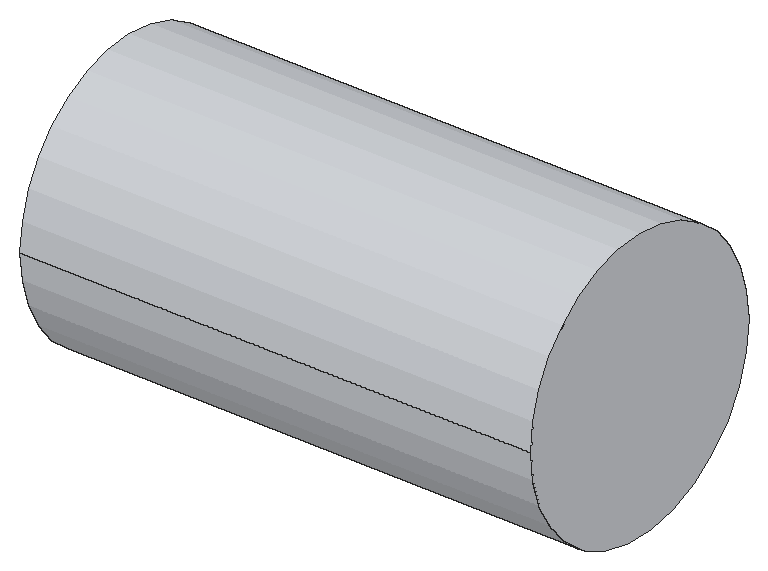
Revit family "bulon prueba linea", category Modelos genéricos, Revit 2020
Family settings
  Puede alojar armadura = No
  Cota de conector redondo = Diámetro de uso
  Tipo de pieza = Normal
  Corte con vacíos al cargar = No
  Compartido = No
  Punto de cálculo de habitación = No
Parameters
  built-in parameter 1001306 [instance] = 1.200 m
  Default Elevation = 0.000 m
Reference planes (m)
  plane 1 "Centro (Frontal/Posterior)": y = 0
  plane 2: z = 0
  plane 3 "Izquierda": x = 0
  plane 4 "Derecha": x = 1.2
Forms (m)
  Extrusion 1, solid
    sketch origin (0, 0, 0) x (0, 1, 0) y (0, 0, 1)
      loop
        circle (0, 0) r 0.32
    from 0 to 1.2
Lines and regions (m)
  reference lines
    curve 1: line (0, 0, 0) -> (1.2, 0, 0)
Dimensions and locks (m)
  "built-in parameter 1001306": plane 3 "Izquierda" to plane 4 "Derecha"
  aligned and locked: plane 4 "Derecha" to curve 1
  aligned and locked: plane 1 "Centro (Frontal/Posterior)" to curve 1
  aligned and locked: plane 3 "Izquierda" to curve 1
  aligned and locked: level to plane 2
Automatic sketch dimensions
  Extrusion 1 sketch curve to level = 0.000 m
  Extrusion 1 sketch curve to plane 1 "Centro (Frontal/Posterior)" = 0.000 m
  radius of Extrusion 1 sketch curve = 0.320 m
